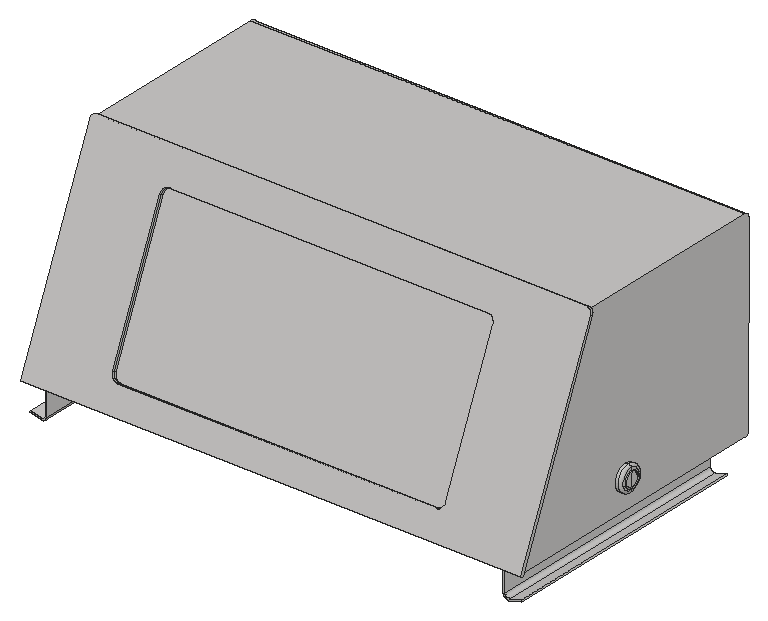
Revit family "PRD_AR_WstBns_STRATOSFoldingSelfClosingLid_STRX608", category Specialty Equipment, Revit 2018
Family settings
  Round Connector Dimension = Use Diameter
  Part Type = Normal
  OmniClass Number = 23.40.20.31
  OmniClass Title = Refuse Disposal Furniture
  Work Plane-Based = No
  Always vertical = Yes
  Cut with Voids When Loaded = No
  Shared = No
  Room Calculation Point = No
Parameters (values of type "STRX608")
  WasteBinMaterial = PRD_AR_StainlessSteel_SatinFinished_Perforated
  WarrantyStartDate [instance] = "1900-12-31T23:59:59"
  WarrantyGuarantorParts = "n/a"
  WarrantyGuarantorLabor = "n/a"
  WarrantyDurationUnit = "year"
  WarrantyDurationParts = "n/a"
  WarrantyDurationLabor = "n/a"
  WarrantyDescription = "n/a"
  Version = "1"
  Uniclass2015Version = "Products v1.10"
  Uniclass2015Title = "Waste bins"
  Uniclass2015Code = "Pr_40_50_07_96"
  URL = "www.kwc.com"
  TypeOfMounting = "On waste bin"
  TypeOfFixing = "Screw"
  TagNumber [instance] = "n/a"
  SustainabilityPerformance = "n/a"
  SurfaceTreatment = "InoxPlus (anti fingerprint)"
  Style = "n/a"
  SlotWidth = "264.00 mm"
  SlotHeight = "120.00 mm"
  Size = "399 x 185 x 229 mm"
  Shape = "n/a"
  SerialNumber [instance] = "n/a"
  Revision = "n/a"
  ReplacementCost = "n/a"
  ProductInformation = "https://pim.kwc.com/product/2000057231/attachment/datasheet?locale=en"
  NominalWidth = 399.00 mm
  NominalHeight = 185.00 mm
  NominalDepth = 229.00 mm
  NetWeight = 3.50 kg
  Name = "Folding Self Closing Lid STRX608"
  NBSTypeID = "n/a"
  NBSReference = "45-35-72/380"
  NBSOfficeMasterTag = "n/a"
  NBSNote = "n/a"
  NBSDescription = "Waste bins"
  NBSCertification = "n/a"
  ModelReference = "STRX608"
  ModelNumber = "2000057231"
  Model = ModelReference  # "STRX608"
  MaterialThickness = "1.50 mm"
  MaterialCode = "1.4301"
  Material = "stainless steel"
  ManufacturerURL = "www.kwc.com"
  ManufacturerName = "KWC Group AG"  # constant formula
  Manufacturer = ManufacturerName  # "KWC Group AG"
  MainColor = "stainless steel"
  Lock = "Key-lock"
  IsBuiltIn = "TRUE"
  IntegralAccessories = "incl. stainless steel screws and dowels"
  InstallationDate [instance] = "1900-12-31T23:59:59"
  IfcExportType = "USERDEFINED"
  IfcExportAs = "IfcFurnitureType"
  GrossWeight = 3.99 kg
  Grade = "n/a"
  Finish = "satin finished"
  Features = "stainless steel, surface satin finished"
  ExpectedLife = "n/a"
  DurationUnit = "year"
  Description = "Folding self-closing lid for waste bin STRX607, stainless steel, surface satin finished, front with InoxPlus surface refinement for the reduction of finger marks and better cleaning characteristics (easy to clean), material thickness 1.5 mm, inclined front with selfclosing lid, cylinder lock with KWC standard key, includes stainless steel screws and dowels, without waste bin."
  CreatedOn = "11/2019"  # constant formula
  Constituents = "n/a"
  Color = "no color"
  CodePerformance = "n/a"
  Category = "Pr_40_50_07_96, Waste bins"
  BarCode [instance] = "n/a"
  BIMObjectName = "PRD_AR_WasteBins_STRATOSFoldingSelfClosingLid_STRX608"
  Author = "Archispace"  # constant formula
  AssetType = "Fixed"
  AssetIdentifier [instance] = "n/a"
  AccessibilityPerformance = "n/a"
Reference planes
  plane 1 "Center (Front/Back)": y = 0
  plane 2: z = 0
  plane 3 "Center (Left/Right)": x = 0
  plane 4: through (0, -33.816, 159.244) normal (0, -0.8659, 0.5002)
Forms (mm)
  Extrusion 1, solid, material "PRD_AR_StainlessSteel_SatinFinished_Perforated" <- "WasteBinMaterial", detail levels fine
    sketch origin (0, 0, 0) x (0, 1, 0) y (0, 0, 1)
      loop
        line (122.273, 3) -> (122.273, 155)
        arc (122.273, 155) -> (121.394, 157.121) -> (119.273, 158) r 3
        line (119.273, 158) -> (-34.533, 158)
        arc (-34.533, 158) -> (-73.792, 80.817) -> (-104.892, 0) r 839.578
        line (-104.892, 0) -> (119.273, 0)
        arc (119.273, 0) -> (121.394, 0.879) -> (122.273, 3) r 3
    from -195.65 to 195.65
  Extrusion 2, solid, material "PRD_AR_StainlessSteel_SatinFinished_Perforated" <- "WasteBinMaterial", detail levels fine
    sketch origin (0, 0, 0) x (0, 1, 0) y (0, 0, 1)
      loop
        line (-33.816, 159.244) -> (-35.115, 159.994)
        arc (-35.115, 159.994) -> (-74.869, 82.084) -> (-106.318, 0.466) r 841.078
        line (-106.318, 0.466) -> (-104.892, 0)
        arc (-104.892, 0) -> (-73.5, 81.472) -> (-33.816, 159.244) r 839.578
    from -198 to 198.65
  Extrusion 3, void
    sketch origin (0, -33.816, 159.244) x (0, 0.50021, 0.865904) y (-1, 0, 0)
      loop
        line (0, -198.65) -> (0, -193.65)
        arc (0, -193.65) -> (-1.464, -197.186) -> (-5, -198.65) r 5
        line (-5, -198.65) -> (0, -198.65)
      loop
        line (0, 198.65) -> (-5, 198.65)
        arc (-5, 198.65) -> (-1.464, 197.186) -> (0, 193.65) r 5
        line (0, 193.65) -> (0, 198.65)
    from -14.428 to 27.402
  Extrusion 4, void
    sketch origin (0, -43.53, 164.239) x (0, 0.406958, 0.913447) y (-1, 0, 0)
      loop
        line (-32.64, 132) -> (-147.677, 132)
        arc (-147.677, 132) -> (-151.92, 130.243) -> (-153.677, 126) r 6
        line (-153.677, 126) -> (-153.677, -126)
        arc (-153.677, -126) -> (-151.92, -130.243) -> (-147.677, -132) r 6
        line (-147.677, -132) -> (-32.64, -132)
        arc (-32.64, -132) -> (-28.397, -130.243) -> (-26.64, -126) r 6
        line (-26.64, -126) -> (-26.64, 126)
        arc (-26.64, 126) -> (-28.397, 130.243) -> (-32.64, 132) r 6
    from -10.109 to 250
  Extrusion 5, solid, material "PRD_AR_StainlessSteel_SatinFinished_Perforated" <- "WasteBinMaterial", detail levels fine
    sketch origin (0, 0, 0) x (1, 0, 0) y (0, 0, 1)
      loop
        line (-181.2, 0) -> (-182, 0) -> (-182, -21.851)
        arc (-182, -21.851) -> (-182.782, -23.438) -> (-184.518, -23.783) r 2
        line (-184.518, -23.783) -> (-194.033, -21.233) -> (-194.24, -22.006) -> (-184.725, -24.556)
        arc (-184.725, -24.556) -> (-182.295, -24.072) -> (-181.2, -21.851) r 2.8
        line (-181.2, -21.851) -> (-181.2, 0)
      loop
        line (180.4, 0) -> (180.4, -18.6)
        arc (180.4, -18.6) -> (182.082, -22.011) -> (185.813, -22.753) r 4.3
        line (185.813, -22.753) -> (195.2, -20.238) -> (194.812, -18.789) -> (185.425, -21.305)
        arc (185.425, -21.305) -> (182.995, -20.821) -> (181.9, -18.6) r 2.8
        line (181.9, -18.6) -> (181.9, 0) -> (180.4, 0)
    from -101.627 to 101.373
  Revolve 6, solid, material "PRD_AR_StainlessSteel_SatinFinished_Perforated" <- "WasteBinMaterial", detail levels fine
    sketch origin (0, 0, 0) x (1, 0, 0) y (0, 0, 1)
      loop
        line (201.15, 24.16) -> (201.15, 29.51)
        arc (201.15, 29.51) -> (201.016, 30.01) -> (200.65, 30.376) r 1
        line (200.65, 30.376) -> (200.65, 32.16)
        arc (200.65, 32.16) -> (200.064, 33.574) -> (198.65, 34.16) r 2
        line (198.65, 34.16) -> (195.65, 34.16) -> (195.65, 24.16) -> (201.15, 24.16)
      axis (195.65, 24.16) -> (201.15, 24.16)
    angle from 0 to 360
  Revolve 7, solid, material "PRD_AR_StainlessSteel_SatinFinished_Perforated" <- "WasteBinMaterial", detail levels medium
    sketch origin (0, 0, 0) x (1, 0, 0) y (0, 0, 1)
      loop
        line (201.15, 24.16) -> (201.15, 34.16) -> (195.65, 34.16) -> (195.65, 24.16) -> (201.15, 24.16)
      axis (195.65, 24.16) -> (201.15, 24.16)
    angle from 0 to 360
  Extrusion 8, solid, material "PRD_AR_StainlessSteel_SatinFinished_Perforated" <- "WasteBinMaterial", detail levels medium
    sketch origin (0, 0, 0) x (0, 1, 0) y (0, 0, 1)
      loop
        line (122.273, 0) -> (122.273, 158) -> (-34.533, 158)
        arc (-34.533, 158) -> (-73.792, 80.817) -> (-104.892, 0) r 839.578
        line (-104.892, 0) -> (122.273, 0)
    from -195.65 to 195.65
  Extrusion 9, solid, material "PRD_AR_StainlessSteel_SatinFinished_Perforated" <- "WasteBinMaterial", detail levels medium
    sketch origin (0, 0, 0) x (0, 1, 0) y (0, 0, 1)
      loop
        line (-33.816, 159.244) -> (-35.115, 159.994)
        arc (-35.115, 159.994) -> (-74.869, 82.084) -> (-106.318, 0.466) r 841.078
        line (-106.318, 0.466) -> (-104.892, 0)
        arc (-104.892, 0) -> (-73.5, 81.472) -> (-33.816, 159.244) r 839.578
    from -198 to 198.65
  Extrusion 10, solid, material "PRD_AR_StainlessSteel_SatinFinished_Perforated" <- "WasteBinMaterial", detail levels medium
    sketch origin (0, 0, 0) x (1, 0, 0) y (0, 0, 1)
      loop
        line (-181.2, 0) -> (-188.344, 0) -> (-194.24, -22.006) -> (-184.725, -24.556)
        arc (-184.725, -24.556) -> (-182.295, -24.072) -> (-181.2, -21.851) r 2.8
        line (-181.2, -21.851) -> (-181.2, 0)
      loop
        line (180.4, 0) -> (180.4, -18.6)
        arc (180.4, -18.6) -> (182.082, -22.011) -> (185.813, -22.753) r 4.3
        line (185.813, -22.753) -> (195.2, -20.238) -> (189.777, 0) -> (180.4, 0)
    from -101.627 to 101.373
  Extrusion 11, solid, material "PRD_AR_StainlessSteel_SatinFinished_Perforated" <- "WasteBinMaterial", detail levels coarse
    sketch origin (0, 0, 0) x (0, 1, 0) y (0, 0, 1)
      loop
        line (122.273, 158) -> (-106.318, 158) -> (-106.318, 0) -> (122.273, 0) -> (122.273, 158)
    from -195.65 to 195.65
Cuts and joins
  Extrusion 3, Extrusion 4 cuts Extrusion 2
  Extrusion 4 cuts Extrusion 1
Dimensions and locks
  aligned and locked: level to plane 2
